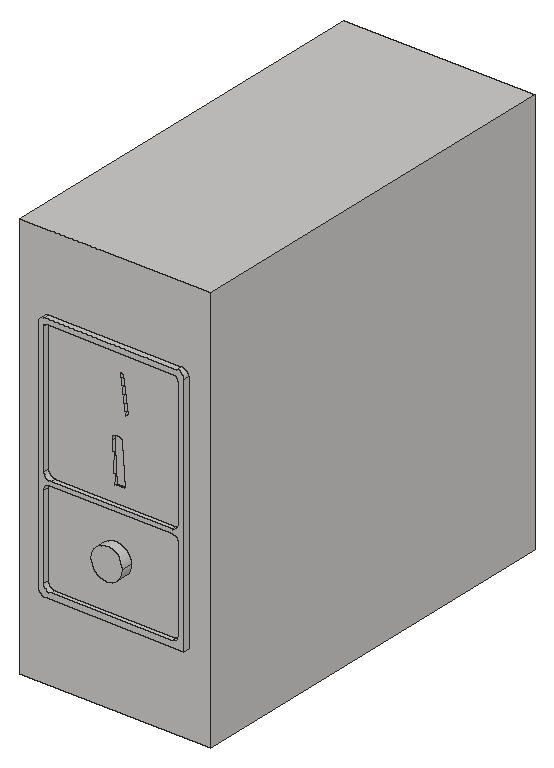
Revit family "1LSNCB_CMBOX", category Generic Models, Revit 2021
Family settings
  Can host rebar = No
  Round Connector Dimension = Use Diameter
  Part Type = Normal
  Work Plane-Based = No
  Always vertical = Yes
  Cut with Voids When Loaded = No
  Shared = No
  Room Calculation Point = No
Parameters
  Default Elevation = 0 mm
  Coin-Box = yes
Reference planes
  plane 1 "Center (Front/Back)": y = 0
  plane 2: z = 0
  plane 3 "Center (Left/Right)": x = 0
Forms (mm)
  Extrusion 1, solid, material "QF_Finishes_Stainless Steel", visible <- "Coin-Box"
    sketch origin (914, 121.518, 0) x (1, 0, 0) y (0, 1, 0)
      loop
        line (-984, 25.1) -> (-984, -271.9) -> (-844, -271.9) -> (-844, 25.1) -> (-984, 25.1)
    from 498.5 to 798
  Extrusion 2, solid, material "QF_Finishes_Stainless Steel", visible <- "Coin-Box"
    sketch origin (1032.9, -150.382, 0.634) x (-1, 0, 0) y (0, 0, -1)
      loop
        arc (1081.4, -741.38) -> (1084.936, -739.916) -> (1086.4, -736.381) r 5
        line (1086.4, -736.381) -> (1086.429, -562.431)
        arc (1086.429, -562.431) -> (1084.965, -558.895) -> (1081.429, -557.43) r 5
        line (1081.429, -557.43) -> (979.37, -557.43) -> (979.4, -736.381)
        arc (979.4, -736.381) -> (980.864, -739.916) -> (984.4, -741.38) r 5
        line (984.4, -741.38) -> (1081.4, -741.38)
      loop
        line (988.381, -632.438) -> (1077.419, -632.438)
        arc (1077.419, -632.438) -> (1080.954, -630.974) -> (1082.419, -627.439) r 5
        line (1082.419, -627.439) -> (1082.429, -566.431)
        arc (1082.429, -566.431) -> (1080.965, -562.895) -> (1077.429, -561.43) r 5
        line (1077.429, -561.43) -> (988.371, -561.43)
        arc (988.371, -561.43) -> (984.835, -562.895) -> (983.371, -566.431) r 5
        line (983.371, -566.431) -> (983.381, -627.439)
        arc (983.381, -627.439) -> (984.846, -630.974) -> (988.381, -632.438) r 5
      loop
        line (1077.417, -634.93) -> (988.383, -634.93)
        arc (988.383, -634.93) -> (984.848, -636.395) -> (983.383, -639.931) r 5
        line (983.383, -639.931) -> (983.399, -732.381)
        arc (983.399, -732.381) -> (984.864, -735.916) -> (988.399, -737.38) r 5
        line (988.399, -737.38) -> (1080.401, -737.38)
        arc (1080.401, -737.38) -> (1081.815, -736.795) -> (1082.401, -735.381) r 2
        line (1082.401, -735.381) -> (1082.417, -639.931)
        arc (1082.417, -639.931) -> (1080.952, -636.395) -> (1077.417, -634.93) r 5
    from 0 to 4.016
  Extrusion 3, void
    sketch origin (835, -150.382, 0) x (1, 0, 0) y (0, 0, -1)
      loop
        arc (-884.519, -628.073) -> (-883.054, -631.608) -> (-879.519, -633.072) r 5
        line (-879.519, -633.072) -> (-790.481, -633.072)
        arc (-790.481, -633.072) -> (-786.946, -631.608) -> (-785.481, -628.073) r 5
        line (-785.481, -628.073) -> (-785.471, -567.065)
        arc (-785.471, -567.065) -> (-786.935, -563.529) -> (-790.471, -562.064) r 5
        line (-790.471, -562.064) -> (-879.529, -562.064)
        arc (-879.529, -562.064) -> (-883.065, -563.529) -> (-884.529, -567.065) r 5
        line (-884.529, -567.065) -> (-884.519, -628.073)
    from 0 to 2
  Extrusion 4, void
    sketch origin (17.967, 0, 0) x (1, 0, 0) y (0, 0, 1)
      loop
        line (-8.343, 695.795) -> (-11.867, 722.564) -> (-14.147, 722.264) -> (-10.623, 695.495) -> (-8.343, 695.795)
      loop
        arc (-12.332, 676.734) -> (-16.536, 680.519) -> (-20.321, 676.315) r 4
        line (-20.321, 676.315) -> (-18.777, 646.856) -> (-10.788, 647.274) -> (-12.332, 676.734)
    from 148.382 to 154.399
  Extrusion 5, solid, material "QF_Finishes_Stainless Steel", visible <- "Coin-Box"
    sketch origin (835, -150.382, 1.101) x (-1, 0, 0) y (0, 0, -1)
      loop
        circle (835, -597.664) r 11.5
    from 0 to 8
  Extrusion 6, void
    sketch origin (0, 0, 0) x (1, 0, 0) y (0, 1, 0)
      loop
        line (-68, 144.618) -> (-68, -148.382) -> (68, -148.382) -> (68, 144.618) -> (-68, 144.618)
    from 500.5 to 796
Cuts and joins
  Extrusion 4 cuts Extrusion 1
Lines and regions (mm)
  model lines
    curve 1: line (-70, 146.618, 0) -> (70, 146.618, 0)
    curve 2: line (70, 146.618, 0) -> (70, -150.382, 0)
    curve 3: line (70, -150.382, 0) -> (53.53, -150.382, 0)
    curve 4: line (53.53, -150.382, 0) -> (53.53, -154.399, 0)
    curve 5: line (53.53, -154.399, 0) -> (-53.5, -154.399, 0)
    curve 6: line (-53.5, -154.399, 0) -> (-53.5, -150.382, 0)
    curve 7: line (-53.5, -150.382, 0) -> (-70, -150.382, 0)
    curve 8: line (-70, -150.382, 0) -> (-70, 146.618, 0)
    curve 9: line (-11.5, -154.399, 0) -> (11.5, -154.399, 0)
    curve 10: line (-11.5, -158.382, 0) -> (-11.5, -154.399, 0)
    curve 11: line (11.5, -158.382, 0) -> (-11.5, -158.382, 0)
    curve 12: line (11.5, -154.399, 0) -> (11.5, -158.382, 0)
Dimensions and locks
  aligned and locked: level to plane 2
